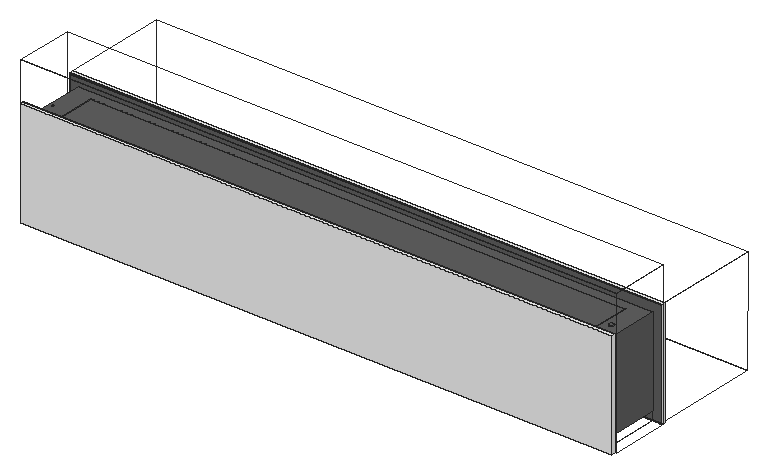
Revit family "AIRTECNICS_AIR CURTAIN_ZEN_WATER HEATED (P)123", category Mechanical Equipment, Revit 2016 (continued)
Types (12, lengths in mm): name | Weight | Water Flow Connector | Water Drop Pressure | Water Coil Volume | Product Size | Product Reference | Product Description | Power Fans Factor | Power Fans | Noise Level (dB(A)) | M | Length | Heating Capacity | G | EC | Current Fans | COD | Apparent Load | Airflow | L
  ZEN G 1500 P | 59.00 kg | 0.19 L/s | 940.0 Pa | 1.5 L | "1500" | "ZEN G 1500 P86" | "Self-supporting casing construction made of galvanized steel plate, finished in structural epoxy-polyester painting white colour RAL9016 as standard. Other colours or stainless steel are available on request. \r\nMicro-perforated inlet grille with filter functions and easy service. It does not need prefilter.\r\nAnodized aluminium outlet vanes, airfoil shaped, adjustable from 0 to 15º each side.\r\nDouble-inlet centrifugal fans driven by an external rotor motor and low noise level. 5-speed selector. \r\n“P” type with water heated coil. \r\nIncludes Plug&Play control with 7m RJ45 cable and infrared remote control. Optional: Clever control (programmable, automatic, intelligent, energy saving, Modbus RTU for BMS…)\r\nAir Volume: 3000 m3/h \r\nFans:  0,856 kW  3,8 A 230Vx1 50Hz\r\nHeating power: 16,02 kW (80/60ºC)\r\nDimensions: 475x260x1500 mm (depth, height, length)" | 0.97941 | 0.856 kW | 58 | no | 1620.0 | 16.02 kW | yes | no | 3.8 A | 242 | 873.469 VA | 3000 m³/h | 1500.0
  ZEN G 1000 P | 50.00 kg | 0.14 L/s | 1230.0 Pa | 0.9 L | "1000" | "ZEN G 1000 P86" | "Self-supporting casing construction made of galvanized steel plate, finished in structural epoxy-polyester painting white colour RAL9016 as standard. Other colours or stainless steel are available on request. \r\nMicro-perforated inlet grille with filter functions and easy service. It does not need prefilter.\r\nAnodized aluminium outlet vanes, airfoil shaped, adjustable from 0 to 15º each side.\r\nDouble-inlet centrifugal fans driven by an external rotor motor and low noise level. 5-speed selector. \r\n“P” type with water heated coil. \r\nIncludes Plug&Play control with 7m RJ45 cable and infrared remote control. Optional: Clever control (programmable, automatic, intelligent, energy saving, Modbus RTU for BMS…)\r\nAir Volume: 2250 m3/h \r\nFans:  0,642 kW  2,85 A 230Vx1 50Hz\r\nHeating power: 11,04 kW (80/60ºC)\r\nDimensions: 475x260x1000 mm (depth, height, length)" | 0.97941 | 0.642 kW | 57 | no | 1220.0 | 11.4 kW | yes | no | 2.85 A | 142 | 655.102 VA | 2250 m³/h | 1000.0
  ZEN M 2500 P | 86.00 kg | 0.33 L/s | 3810.0 Pa | 2.6 L | "2500" | "ZEN M 2500 P86" | "Self-supporting casing construction made of galvanized steel plate, finished in structural epoxy-polyester painting white colour RAL9016 as standard. Other colours or stainless steel are available on request. \r\nMicro-perforated inlet grille with filter functions and easy service. It does not need prefilter.\r\nAnodized aluminium outlet vanes, airfoil shaped, adjustable from 0 to 15º each side.\r\nDouble-inlet centrifugal fans driven by an external rotor motor and low noise level. 5-speed selector. \r\n“P” type with water heated coil. \r\nIncludes Plug&Play control with 7m RJ45 cable and infrared remote control. Optional: Clever control (programmable, automatic, intelligent, energy saving, Modbus RTU for BMS…)\r\nAir Volume: 4150 m3/h \r\nFans:  1,07 kW  4,75 A 230Vx1 50Hz\r\nHeating power: 26,92 kW (80/60ºC)\r\nDimensions: 475x260x2500 mm (depth, height, length)" | 0.98057 | 0.742 kW | 59 | yes | 2620.0 | 27.69 kW | no | no | 3.29 A | 841 | 757.143 VA | 4340 m³/h | 2500.0
  ZEN M 2000 P | 69.00 kg | 0.25 L/s | 1930.0 Pa | 2.1 L | "2000" | "ZEN M 2000 P86" | "Self-supporting casing construction made of galvanized steel plate, finished in structural epoxy-polyester painting white colour RAL9016 as standard. Other colours or stainless steel are available on request. \r\nMicro-perforated inlet grille with filter functions and easy service. It does not need prefilter.\r\nAnodized aluminium outlet vanes, airfoil shaped, adjustable from 0 to 15º each side.\r\nDouble-inlet centrifugal fans driven by an external rotor motor and low noise level. 5-speed selector. \r\n“P” type with water heated coil. \r\nIncludes Plug&Play control with 7m RJ45 cable and infrared remote control. Optional: Clever control (programmable, automatic, intelligent, energy saving, Modbus RTU for BMS…)\r\nAir Volume: 3320 m3/h \r\nFans:  0,856 kW  3,8 A 230Vx1 50Hz\r\nHeating power: 20,65 kW (80/60ºC)\r\nDimensions: 475x260x2000 mm (depth, height, length)" | 0.98057 | 0.636 kW | 58 | yes | 2120.0 | 22.17 kW | no | no | 2.82 A | 441 | 648.98 VA | 3720 m³/h | 2000.0
  ZEN M 1500 P | 53.00 kg | 0.17 L/s | 760.0 Pa | 1.5 L | "1500" | "ZEN M 1500 P86" | "Self-supporting casing construction made of galvanized steel plate, finished in structural epoxy-polyester painting white colour RAL9016 as standard. Other colours or stainless steel are available on request. \r\nMicro-perforated inlet grille with filter functions and easy service. It does not need prefilter.\r\nAnodized aluminium outlet vanes, airfoil shaped, adjustable from 0 to 15º each side.\r\nDouble-inlet centrifugal fans driven by an external rotor motor and low noise level. 5-speed selector. \r\n“P” type with water heated coil. \r\nIncludes Plug&Play control with 7m RJ45 cable and infrared remote control. Optional: Clever control (programmable, automatic, intelligent, energy saving, Modbus RTU for BMS…)\r\nAir Volume: 2490 m3/h \r\nFans:  0,642 kW  2,85 A 230Vx1 50Hz\r\nHeating power: 14,26 kW (80/60ºC)\r\nDimensions: 475x260x1500 mm (depth, height, length)" | 0.98057 | 0.424 kW | 57 | yes | 1620.0 | 14.23 kW | no | no | 1.88 A | 241 | 432.653 VA | 2480 m³/h | 1500.0
  ZEN M 1000 P | 35.00 kg | 0.11 L/s | 880.0 Pa | 0.9 L | "1000" | "ZEN M 1000 P86" | "Self-supporting casing construction made of galvanized steel plate, finished in structural epoxy-polyester painting white colour RAL9016 as standard. Other colours or stainless steel are available on request. \r\nMicro-perforated inlet grille with filter functions and easy service. It does not need prefilter.\r\nAnodized aluminium outlet vanes, airfoil shaped, adjustable from 0 to 15º each side.\r\nDouble-inlet centrifugal fans driven by an external rotor motor and low noise level. 5-speed selector. \r\n“P” type with water heated coil. \r\nIncludes Plug&Play control with 7m RJ45 cable and infrared remote control. Optional: Clever control (programmable, automatic, intelligent, energy saving, Modbus RTU for BMS…)\r\nAir Volume: 1660 m3/h \r\nFans:  0,428 kW  1,9 A 230Vx1 50Hz\r\nHeating power: 9,17 kW (80/60ºC)\r\nDimensions: 475x260x1000 mm (depth, height, length)" | 0.98057 | 0.318 kW | 56 | yes | 1220.0 | 9.84 kW | no | no | 1.41 A | 141 | 324.49 VA | 1860 m³/h | 1000.0
